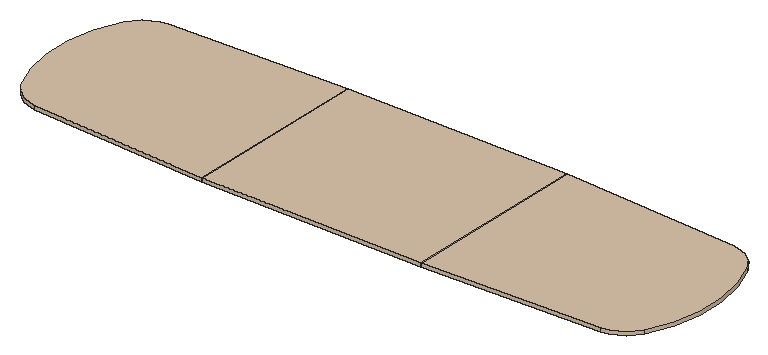
Revit family "Haworth_Planes_ColumnBaseConferenceTable_PebbleThreePiece_TopOnly", category Furniture Systems, Revit 2018 (continued)
Definition of nested family "Haworth_Planes_Worksurface_Pebble_3Piece_PART"
  Definition of nested family "Haworth_Planes_Worksurface_Pebble48_3Pieces_Part"
    Automatic sketch dimensions
      Extrusion 4 sketch curve to Extrusion 4 sketch curve = 14.45369"  (x2)
      Extrusion 4 sketch curve to Extrusion 4 sketch curve = 23.83817"  (x4)
      Extrusion 4 sketch curve to Extrusion 4 sketch curve = 18.76896"  (x2)
      Extrusion 4 sketch curve to Extrusion 4 sketch curve = 11.50455"  (x2)
      Extrusion 4 sketch curve to plane 3 "Center L/R" = 88.1575"
      Extrusion 4 sketch curve to plane 3 "Center L/R" = 35.30171"  (x2)
      plane 1 "Center F/B" to Extrusion 4 sketch curve = 558.25556"
      Extrusion 4 sketch curve to Extrusion 4 sketch curve = 534.41739"
      Extrusion 5 sketch curve to Extrusion 5 sketch curve = 0"  (x9)
      Extrusion 5 sketch curve to Extrusion 5 sketch curve = 31.63744"  (x2)
      Extrusion 5 sketch curve to Extrusion 5 sketch curve = 69.68"
      Extrusion 5 sketch curve to Extrusion 5 sketch curve = 72.6027"  (x2)
      Extrusion 5 sketch curve to Extrusion 5 sketch curve = 24.68"  (x2)
      plane 1 "Center F/B" to Extrusion 5 sketch curve = 23.94796"
      Extrusion 5 sketch curve to Extrusion 5 sketch curve = 14.45362"  (x2)
      Extrusion 5 sketch curve to Extrusion 5 sketch curve = 9.38468"  (x2)
      Extrusion 5 sketch curve to Extrusion 5 sketch curve = 18.76935"  (x2)
      Extrusion 5 sketch curve to Extrusion 5 sketch curve = 23.8383"  (x2)
      Extrusion 5 sketch curve to Extrusion 5 sketch curve = 11.50453"  (x2)
      Extrusion 5 sketch curve to plane 3 "Center L/R" = 91.15744"
      Extrusion 5 sketch curve to plane 3 "Center L/R" = 36.30135"  (x2)
      plane 1 "Center F/B" to Extrusion 5 sketch curve = 602.28601"
      Extrusion 5 sketch curve to Extrusion 5 sketch curve = 578.33805"
      Extrusion 6 sketch curve to Extrusion 6 sketch curve = 0"  (x9)
      Extrusion 6 sketch curve to Extrusion 6 sketch curve = 31.63743"  (x2)
      Extrusion 6 sketch curve to Extrusion 6 sketch curve = 26.68"  (x2)
      Extrusion 6 sketch curve to Extrusion 6 sketch curve = 71.68"
      Extrusion 6 sketch curve to Extrusion 6 sketch curve = 74.6019"  (x2)
      plane 1 "Center F/B" to Extrusion 6 sketch curve = 23.83841"
      Extrusion 6 sketch curve to Extrusion 6 sketch curve = 14.45368"  (x2)
      Extrusion 6 sketch curve to Extrusion 6 sketch curve = 9.38473"  (x2)
      Extrusion 6 sketch curve to Extrusion 6 sketch curve = 18.76947"  (x2)
      Extrusion 6 sketch curve to Extrusion 6 sketch curve = 23.83841"  (x2)
      Extrusion 6 sketch curve to Extrusion 6 sketch curve = 11.50452"  (x2)
      Extrusion 6 sketch curve to plane 3 "Center L/R" = 94.15743"
      Extrusion 6 sketch curve to plane 3 "Center L/R" = 37.30095"  (x2)
      plane 1 "Center F/B" to Extrusion 6 sketch curve = 647.69854"
      Extrusion 6 sketch curve to Extrusion 6 sketch curve = 623.86013"
      Extrusion 7 sketch curve to Extrusion 7 sketch curve = 0"  (x9)
      Extrusion 7 sketch curve to Extrusion 7 sketch curve = 31.63744"  (x2)
      Extrusion 7 sketch curve to Extrusion 7 sketch curve = 28.68"  (x2)
      Extrusion 7 sketch curve to Extrusion 7 sketch curve = 73.68"
      Extrusion 7 sketch curve to Extrusion 7 sketch curve = 76.60105"  (x2)
      plane 1 "Center F/B" to Extrusion 7 sketch curve = 23.83852"
      Extrusion 7 sketch curve to Extrusion 7 sketch curve = 14.45384"  (x2)
      Extrusion 7 sketch curve to Extrusion 7 sketch curve = 9.38468"  (x2)
      Extrusion 7 sketch curve to Extrusion 7 sketch curve = 18.76936"  (x2)
      Extrusion 7 sketch curve to Extrusion 7 sketch curve = 23.83852"  (x2)
      Extrusion 7 sketch curve to Extrusion 7 sketch curve = 11.50452"  (x2)
      Extrusion 7 sketch curve to plane 3 "Center L/R" = 97.15744"
      Extrusion 7 sketch curve to plane 3 "Center L/R" = 38.30052"  (x2)
      plane 1 "Center F/B" to Extrusion 7 sketch curve = 694.82215"
      Extrusion 7 sketch curve to Extrusion 7 sketch curve = 670.98363"
      Extrusion 8 sketch curve to Extrusion 8 sketch curve = 0"  (x9)
      Extrusion 8 sketch curve to Extrusion 8 sketch curve = 31.63749"  (x2)
      Extrusion 8 sketch curve to Extrusion 8 sketch curve = 30.68"  (x2)
      Extrusion 8 sketch curve to Extrusion 8 sketch curve = 75.68"
      Extrusion 8 sketch curve to Extrusion 8 sketch curve = 78.60013"  (x2)
      plane 1 "Center F/B" to Extrusion 8 sketch curve = 23.83861"
      Extrusion 8 sketch curve to Extrusion 8 sketch curve = 14.45408"  (x2)
      Extrusion 8 sketch curve to Extrusion 8 sketch curve = 9.38454"  (x2)
      Extrusion 8 sketch curve to Extrusion 8 sketch curve = 18.76907"  (x2)
      Extrusion 8 sketch curve to Extrusion 8 sketch curve = 23.83861"  (x2)
      Extrusion 8 sketch curve to Extrusion 8 sketch curve = 11.50454"  (x2)
      Extrusion 8 sketch curve to plane 3 "Center L/R" = 100.15749"
      Extrusion 8 sketch curve to plane 3 "Center L/R" = 39.30006"  (x2)
      plane 1 "Center F/B" to Extrusion 8 sketch curve = 743.54717"
      Extrusion 8 sketch curve to Extrusion 8 sketch curve = 719.70856"
      Extrusion 9 sketch curve to Extrusion 9 sketch curve = 0"  (x10)
      Extrusion 9 sketch curve to Extrusion 9 sketch curve = 31.63755"  (x2)
      Extrusion 9 sketch curve to Extrusion 9 sketch curve = 32.68"  (x2)
      Extrusion 9 sketch curve to Extrusion 9 sketch curve = 77.68"
      Extrusion 9 sketch curve to Extrusion 9 sketch curve = 80.59916"  (x2)
      plane 1 "Center F/B" to Extrusion 9 sketch curve = 23.8387"
      Extrusion 9 sketch curve to Extrusion 9 sketch curve = 14.45438"  (x2)
      Extrusion 9 sketch curve to Extrusion 9 sketch curve = 9.38432"  (x2)
      Extrusion 9 sketch curve to Extrusion 9 sketch curve = 18.76864"  (x2)
      Extrusion 9 sketch curve to Extrusion 9 sketch curve = 23.8387"  (x2)
      Extrusion 9 sketch curve to Extrusion 9 sketch curve = 11.50456"
      Extrusion 9 sketch curve to plane 3 "Center L/R" = 103.15755"
      Extrusion 9 sketch curve to plane 3 "Center L/R" = 40.29958"  (x2)
      plane 1 "Center F/B" to Extrusion 9 sketch curve = 793.8736"
      Extrusion 9 sketch curve to Extrusion 9 sketch curve = 770.0349"
      Extrusion 10 sketch curve to Extrusion 10 sketch curve = 0"  (x9)
      Extrusion 10 sketch curve to Extrusion 10 sketch curve = 31.63763"  (x2)
      Extrusion 10 sketch curve to Extrusion 10 sketch curve = 79.68"
      Extrusion 10 sketch curve to Extrusion 10 sketch curve = 82.59814"  (x2)
      Extrusion 10 sketch curve to Extrusion 10 sketch curve = 34.68"  (x2)
      plane 1 "Center F/B" to Extrusion 10 sketch curve = 23.83878"
      Extrusion 10 sketch curve to Extrusion 10 sketch curve = 14.45474"  (x2)
      Extrusion 10 sketch curve to Extrusion 10 sketch curve = 9.38404"  (x2)
      Extrusion 10 sketch curve to Extrusion 10 sketch curve = 18.76808"  (x2)
      Extrusion 10 sketch curve to Extrusion 10 sketch curve = 23.83878"  (x2)
      Extrusion 10 sketch curve to Extrusion 10 sketch curve = 11.50459"  (x2)
      Extrusion 10 sketch curve to plane 3 "Center L/R" = 106.02758"
      Extrusion 10 sketch curve to plane 3 "Center L/R" = 41.16901"  (x2)
      plane 1 "Center F/B" to Extrusion 10 sketch curve = 845.80144"
      Extrusion 10 sketch curve to Extrusion 10 sketch curve = 821.96266"
      Extrusion 11 sketch curve to Extrusion 11 sketch curve = 0"  (x10)
      Extrusion 11 sketch curve to Extrusion 11 sketch curve = 31.63773"  (x2)
      Extrusion 11 sketch curve to Extrusion 11 sketch curve = 81.68"
      Extrusion 11 sketch curve to Extrusion 11 sketch curve = 84.59708"  (x2)
      Extrusion 11 sketch curve to Extrusion 11 sketch curve = 36.68"  (x2)
      plane 1 "Center F/B" to Extrusion 11 sketch curve = 23.83885"
      Extrusion 11 sketch curve to Extrusion 11 sketch curve = 14.45513"  (x2)
      Extrusion 11 sketch curve to Extrusion 11 sketch curve = 9.38372"  (x2)
      Extrusion 11 sketch curve to Extrusion 11 sketch curve = 18.76744"  (x2)
      Extrusion 11 sketch curve to Extrusion 11 sketch curve = 23.83885"  (x2)
      Extrusion 11 sketch curve to Extrusion 11 sketch curve = 11.50463"
      Extrusion 11 sketch curve to plane 3 "Center L/R" = 109.15773"
      Extrusion 11 sketch curve to plane 3 "Center L/R" = 42.29854"  (x2)
      plane 1 "Center F/B" to Extrusion 11 sketch curve = 899.33069"
      Extrusion 11 sketch curve to Extrusion 11 sketch curve = 875.49184"
      Extrusion 12 sketch curve to Extrusion 12 sketch curve = 0"  (x9)
      Extrusion 12 sketch curve to Extrusion 12 sketch curve = 31.63783"  (x2)
      Extrusion 12 sketch curve to Extrusion 12 sketch curve = 83.68"
      Extrusion 12 sketch curve to Extrusion 12 sketch curve = 86.59598"  (x2)
      Extrusion 12 sketch curve to Extrusion 12 sketch curve = 38.68"  (x2)
      plane 1 "Center F/B" to Extrusion 12 sketch curve = 23.83891"
      Extrusion 12 sketch curve to Extrusion 12 sketch curve = 14.45556"  (x2)
      Extrusion 12 sketch curve to Extrusion 12 sketch curve = 9.38336"  (x2)
      Extrusion 12 sketch curve to Extrusion 12 sketch curve = 18.76672"  (x2)
      Extrusion 12 sketch curve to Extrusion 12 sketch curve = 23.83891"  (x2)
      Extrusion 12 sketch curve to Extrusion 12 sketch curve = 11.50467"  (x2)
      Extrusion 12 sketch curve to plane 3 "Center L/R" = 112.15783"
      Extrusion 12 sketch curve to plane 3 "Center L/R" = 43.29799"  (x2)
      plane 1 "Center F/B" to Extrusion 12 sketch curve = 954.46135"
      Extrusion 12 sketch curve to Extrusion 12 sketch curve = 930.62244"
      Extrusion 13 sketch curve to Extrusion 13 sketch curve = 0"  (x10)
      Extrusion 13 sketch curve to Extrusion 13 sketch curve = 31.63795"  (x2)
      Extrusion 13 sketch curve to Extrusion 13 sketch curve = 40.68"  (x2)
      Extrusion 13 sketch curve to Extrusion 13 sketch curve = 85.68"
      Extrusion 13 sketch curve to Extrusion 13 sketch curve = 88.59484"  (x2)
      plane 1 "Center F/B" to Extrusion 13 sketch curve = 23.83897"
      Extrusion 13 sketch curve to Extrusion 13 sketch curve = 14.45601"  (x2)
      Extrusion 13 sketch curve to Extrusion 13 sketch curve = 9.38297"  (x2)
      Extrusion 13 sketch curve to Extrusion 13 sketch curve = 18.76594"  (x2)
      Extrusion 13 sketch curve to Extrusion 13 sketch curve = 23.83897"  (x2)
      Extrusion 13 sketch curve to Extrusion 13 sketch curve = 11.50471"
      Extrusion 13 sketch curve to plane 3 "Center L/R" = 115.15795"
      Extrusion 13 sketch curve to plane 3 "Center L/R" = 44.29742"  (x2)
      plane 1 "Center F/B" to Extrusion 13 sketch curve = 1011.19342"
      Extrusion 13 sketch curve to Extrusion 13 sketch curve = 987.35445"
      Extrusion 14 sketch curve to Extrusion 14 sketch curve = 0"  (x9)
      Extrusion 14 sketch curve to Extrusion 14 sketch curve = 31.63807"  (x2)
      Extrusion 14 sketch curve to Extrusion 14 sketch curve = 90.59366"  (x2)
      Extrusion 14 sketch curve to Extrusion 14 sketch curve = 42.68"  (x2)
      plane 1 "Center F/B" to Extrusion 14 sketch curve = 23.83903"
      Extrusion 14 sketch curve to Extrusion 14 sketch curve = 14.45647"  (x2)
      Extrusion 14 sketch curve to Extrusion 14 sketch curve = 9.38256"  (x2)
      Extrusion 14 sketch curve to Extrusion 14 sketch curve = 18.76511"  (x2)
      Extrusion 14 sketch curve to Extrusion 14 sketch curve = 47.67806"  (x2)
      Extrusion 14 sketch curve to Extrusion 14 sketch curve = 11.50475"  (x2)
      Extrusion 14 sketch curve to plane 3 "Center L/R" = 118.15807"
      Extrusion 14 sketch curve to plane 3 "Center L/R" = 45.29683"  (x2)
      Extrusion 14 sketch curve to Extrusion 14 sketch curve = 87.68"
      plane 1 "Center F/B" to Extrusion 14 sketch curve = 1069.52691"
      Extrusion 14 sketch curve to Extrusion 14 sketch curve = 1045.68788"
      Extrusion 15 sketch curve to plane 3 "Center L/R" = 121.1582"
      Extrusion 15 sketch curve to Extrusion 15 sketch curve = 0"  (x11)
      Extrusion 15 sketch curve to Extrusion 15 sketch curve = 31.6382"  (x2)
      Extrusion 15 sketch curve to plane 3 "Center L/R" = 46.29623"  (x2)
      Extrusion 15 sketch curve to Extrusion 15 sketch curve = 44.68"  (x2)
      Extrusion 15 sketch curve to Extrusion 15 sketch curve = 89.68"
      Extrusion 15 sketch curve to Extrusion 15 sketch curve = 92.59246"  (x2)
      plane 1 "Center F/B" to Extrusion 15 sketch curve = 1129.4618"
      plane 1 "Center F/B" to Extrusion 15 sketch curve = 23.83908"
      Extrusion 15 sketch curve to Extrusion 15 sketch curve = 14.45696"  (x2)
      Extrusion 15 sketch curve to Extrusion 15 sketch curve = 9.38213"  (x2)
      Extrusion 15 sketch curve to Extrusion 15 sketch curve = 18.76425"  (x2)
      Extrusion 15 sketch curve to Extrusion 15 sketch curve = 47.67816"  (x2)
      Extrusion 15 sketch curve to Extrusion 15 sketch curve = 1105.62272"
      plane 1 "Center F/B" to Extrusion 16 sketch curve = 23.83768"
      Extrusion 16 sketch curve to plane 3 "Center L/R" = 30.84"
      Extrusion 16 sketch curve to Extrusion 16 sketch curve = 61.68"
      Extrusion 16 sketch curve to Extrusion 16 sketch curve = 47.67535"
      plane 1 "Center F/B" to Extrusion 17 sketch curve = 23.83786"
      Extrusion 17 sketch curve to plane 3 "Center L/R" = 31.84"
      Extrusion 17 sketch curve to Extrusion 17 sketch curve = 63.68"
      Extrusion 17 sketch curve to Extrusion 17 sketch curve = 47.67572"
      Extrusion 18 sketch curve to plane 3 "Center L/R" = 32.84"
      Extrusion 18 sketch curve to Extrusion 18 sketch curve = 65.68"
      plane 1 "Center F/B" to Extrusion 18 sketch curve = 23.83802"
      Extrusion 18 sketch curve to Extrusion 18 sketch curve = 47.67604"
      Extrusion 19 sketch curve to plane 3 "Center L/R" = 33.84"
      Extrusion 19 sketch curve to Extrusion 19 sketch curve = 67.68"
      plane 1 "Center F/B" to Extrusion 19 sketch curve = 23.83817"
      Extrusion 19 sketch curve to Extrusion 19 sketch curve = 47.67633"
      Extrusion 20 sketch curve to plane 3 "Center L/R" = 34.84"
      Extrusion 20 sketch curve to Extrusion 20 sketch curve = 69.68"
      plane 1 "Center F/B" to Extrusion 20 sketch curve = 23.94796"
      Extrusion 20 sketch curve to Extrusion 20 sketch curve = 47.67659"
      Extrusion 21 sketch curve to plane 3 "Center L/R" = 35.84"
      Extrusion 21 sketch curve to Extrusion 21 sketch curve = 71.68"
      plane 1 "Center F/B" to Extrusion 21 sketch curve = 23.83841"
      Extrusion 21 sketch curve to Extrusion 21 sketch curve = 47.67682"
      Extrusion 22 sketch curve to plane 3 "Center L/R" = 36.84"
      Extrusion 22 sketch curve to Extrusion 22 sketch curve = 73.68"
      plane 1 "Center F/B" to Extrusion 22 sketch curve = 23.83852"
      Extrusion 22 sketch curve to Extrusion 22 sketch curve = 47.67703"
      Extrusion 23 sketch curve to plane 3 "Center L/R" = 37.84"
      Extrusion 23 sketch curve to Extrusion 23 sketch curve = 75.68"
      plane 1 "Center F/B" to Extrusion 23 sketch curve = 23.83861"
      Extrusion 23 sketch curve to Extrusion 23 sketch curve = 47.67722"
      Extrusion 24 sketch curve to plane 3 "Center L/R" = 38.84"
      Extrusion 24 sketch curve to Extrusion 24 sketch curve = 77.68"
      plane 1 "Center F/B" to Extrusion 24 sketch curve = 23.8387"
      Extrusion 24 sketch curve to Extrusion 24 sketch curve = 47.6774"
      Extrusion 25 sketch curve to plane 3 "Center L/R" = 39.70994"
      Extrusion 25 sketch curve to Extrusion 25 sketch curve = 79.68"
      plane 1 "Center F/B" to Extrusion 25 sketch curve = 23.83878"
      Extrusion 25 sketch curve to Extrusion 25 sketch curve = 47.67755"
      Extrusion 26 sketch curve to plane 3 "Center L/R" = 41.84"
      Extrusion 26 sketch curve to Extrusion 26 sketch curve = 83.68"
      plane 1 "Center F/B" to Extrusion 26 sketch curve = 23.83891"
      Extrusion 26 sketch curve to Extrusion 26 sketch curve = 47.67783"
      Extrusion 27 sketch curve to plane 3 "Center L/R" = 40.84"
      Extrusion 27 sketch curve to Extrusion 27 sketch curve = 81.68"
      plane 1 "Center F/B" to Extrusion 27 sketch curve = 23.83885"
      Extrusion 27 sketch curve to Extrusion 27 sketch curve = 47.6777"
      Extrusion 28 sketch curve to plane 3 "Center L/R" = 42.84"
      Extrusion 28 sketch curve to Extrusion 28 sketch curve = 85.68"
      plane 1 "Center F/B" to Extrusion 28 sketch curve = 23.83897"
      Extrusion 28 sketch curve to Extrusion 28 sketch curve = 47.67795"
      Extrusion 29 sketch curve to plane 3 "Center L/R" = 43.84"
      Extrusion 29 sketch curve to Extrusion 29 sketch curve = 87.68"
      plane 1 "Center F/B" to Extrusion 29 sketch curve = 23.83903"
      Extrusion 29 sketch curve to Extrusion 29 sketch curve = 47.67806"
      Extrusion 30 sketch curve to plane 3 "Center L/R" = 44.84"
      Extrusion 30 sketch curve to Extrusion 30 sketch curve = 89.68"
      plane 1 "Center F/B" to Extrusion 30 sketch curve = 23.83908"
      Extrusion 30 sketch curve to Extrusion 30 sketch curve = 47.67816"
      Masking region 1 sketch curve to plane 1 "Center F/B" = 9.38473"
      Masking region 1 sketch curve to plane 3 "Center L/R" = 79.15743"
      Masking region 1 sketch curve to Masking region 1 sketch curve = 0"  (x7)
      Masking region 1 sketch curve to Masking region 1 sketch curve = 31.63743"  (x2)
      Masking region 1 sketch curve to Masking region 1 sketch curve = 15.18"  (x3)
      Masking region 1 sketch curve to plane 3 "Center L/R" = 32.30253"  (x2)
      Masking region 1 sketch curve to Masking region 1 sketch curve = 64.60506"  (x2)
      Masking region 1 sketch curve to Masking region 1 sketch curve = 64.68"
      Masking region 1 sketch curve to Masking region 1 sketch curve = 9.38473"  (x2)
      Masking region 1 sketch curve to plane 1 "Center F/B" = 0"
      Masking region 1 sketch curve to Masking region 1 sketch curve = 18.76947"  (x2)
      Masking region 1 sketch curve to Masking region 1 sketch curve = 23.84"  (x2)
      plane 1 "Center F/B" to Masking region 1 sketch curve = 436.10167"
      Masking region 1 sketch curve to Masking region 1 sketch curve = 412.26167"
      Masking region 1 sketch curve to Masking region 1 sketch curve = 1.03519"  (x4)
      Masking region 2 sketch curve to plane 1 "Center F/B" = 9.38473"  (x2)
      Masking region 2 sketch curve to plane 3 "Center L/R" = 82.15743"
      Masking region 2 sketch curve to Masking region 2 sketch curve = 0"  (x7)
      Masking region 2 sketch curve to Masking region 2 sketch curve = 31.63743"  (x2)
      Masking region 2 sketch curve to Masking region 2 sketch curve = 17.18"  (x3)
      Masking region 2 sketch curve to plane 3 "Center L/R" = 33.30231"  (x2)
      Masking region 2 sketch curve to Masking region 2 sketch curve = 66.60461"  (x2)
      Masking region 2 sketch curve to Masking region 2 sketch curve = 66.68"
      Masking region 2 sketch curve to Masking region 2 sketch curve = 9.38473"  (x2)
      Masking region 2 sketch curve to Masking region 2 sketch curve = 18.76947"  (x2)
      Masking region 2 sketch curve to Masking region 2 sketch curve = 23.84"  (x2)
      plane 1 "Center F/B" to Masking region 2 sketch curve = 475.21822"
      Masking region 2 sketch curve to Masking region 2 sketch curve = 451.37822"
      Masking region 2 sketch curve to Masking region 2 sketch curve = 1.03519"  (x4)
      Masking region 3 sketch curve to plane 3 "Center L/R" = 85.15743"
      Masking region 3 sketch curve to Masking region 3 sketch curve = 0"  (x7)
      Masking region 3 sketch curve to Masking region 3 sketch curve = 31.63743"  (x2)
      Masking region 3 sketch curve to Masking region 3 sketch curve = 19.18"  (x3)
      Masking region 3 sketch curve to plane 3 "Center L/R" = 34.30203"  (x2)
      Masking region 3 sketch curve to Masking region 3 sketch curve = 68.60406"  (x2)
      Masking region 3 sketch curve to Masking region 3 sketch curve = 68.68"
      plane 1 "Center F/B" to Masking region 3 sketch curve = 515.93619"
      plane 1 "Center F/B" to Masking region 3 sketch curve = 23.84"
      Masking region 3 sketch curve to Masking region 3 sketch curve = 14.45527"  (x2)
      Masking region 3 sketch curve to Masking region 3 sketch curve = 23.84"  (x3)
      Masking region 3 sketch curve to Masking region 3 sketch curve = 18.76947"  (x2)
      Masking region 3 sketch curve to Masking region 3 sketch curve = 492.09619"
      Masking region 3 sketch curve to Masking region 3 sketch curve = 1.03519"  (x4)
      Masking region 4 sketch curve to plane 3 "Center L/R" = 88.15743"
      Masking region 4 sketch curve to Masking region 4 sketch curve = 0"  (x7)
      Masking region 4 sketch curve to Masking region 4 sketch curve = 31.63743"  (x2)
      Masking region 4 sketch curve to Masking region 4 sketch curve = 21.18"  (x3)
      Masking region 4 sketch curve to plane 3 "Center L/R" = 35.30171"  (x2)
      Masking region 4 sketch curve to Masking region 4 sketch curve = 70.60342"  (x2)
      Masking region 4 sketch curve to Masking region 4 sketch curve = 70.68"
      plane 1 "Center F/B" to Masking region 4 sketch curve = 558.25556"
      plane 1 "Center F/B" to Masking region 4 sketch curve = 23.84"
      Masking region 4 sketch curve to Masking region 4 sketch curve = 14.45527"  (x2)
      Masking region 4 sketch curve to Masking region 4 sketch curve = 23.84"  (x3)
      Masking region 4 sketch curve to Masking region 4 sketch curve = 18.76947"  (x2)
      Masking region 4 sketch curve to Masking region 4 sketch curve = 534.41556"
      Masking region 4 sketch curve to Masking region 4 sketch curve = 1.03519"  (x4)
      Masking region 5 sketch curve to plane 3 "Center L/R" = 91.15743"
      Masking region 5 sketch curve to Masking region 5 sketch curve = 0"  (x7)
      Masking region 5 sketch curve to Masking region 5 sketch curve = 31.63743"  (x2)
      Masking region 5 sketch curve to Masking region 5 sketch curve = 23.18"  (x3)
      Masking region 5 sketch curve to plane 3 "Center L/R" = 36.30135"  (x2)
      Masking region 5 sketch curve to Masking region 5 sketch curve = 72.6027"  (x2)
      Masking region 5 sketch curve to Masking region 5 sketch curve = 72.68"
      plane 1 "Center F/B" to Masking region 5 sketch curve = 602.28601"
      plane 1 "Center F/B" to Masking region 5 sketch curve = 23.94967"
      Masking region 5 sketch curve to Masking region 5 sketch curve = 14.45527"  (x2)
      Masking region 5 sketch curve to Masking region 5 sketch curve = 9.38473"  (x2)
      Masking region 5 sketch curve to Masking region 5 sketch curve = 18.76947"  (x2)
      Masking region 5 sketch curve to Masking region 5 sketch curve = 23.84"
      Masking region 5 sketch curve to Masking region 5 sketch curve = 578.33635"
      Masking region 5 sketch curve to Masking region 5 sketch curve = 1.03519"  (x4)
      Masking region 6 sketch curve to plane 3 "Center L/R" = 94.15743"
      Masking region 6 sketch curve to Masking region 6 sketch curve = 0"  (x11)
      Masking region 6 sketch curve to Masking region 6 sketch curve = 31.63743"  (x2)
      Masking region 6 sketch curve to Masking region 6 sketch curve = 25.18"  (x3)
      Masking region 6 sketch curve to plane 3 "Center L/R" = 37.30095"  (x2)
      Masking region 6 sketch curve to Masking region 6 sketch curve = 74.6019"  (x2)
      Masking region 6 sketch curve to Masking region 6 sketch curve = 74.68"
      plane 1 "Center F/B" to Masking region 6 sketch curve = 647.69854"
      plane 1 "Center F/B" to Masking region 6 sketch curve = 23.84"
      Masking region 6 sketch curve to Masking region 6 sketch curve = 14.45527"  (x2)
      Masking region 6 sketch curve to Masking region 6 sketch curve = 9.38473"  (x2)
      Masking region 6 sketch curve to Masking region 6 sketch curve = 18.76947"  (x2)
      Masking region 6 sketch curve to Masking region 6 sketch curve = 23.84"
      Masking region 6 sketch curve to Masking region 6 sketch curve = 623.85854"
      Masking region 7 sketch curve to plane 3 "Center L/R" = 97.15743"
      Masking region 7 sketch curve to Masking region 7 sketch curve = 0"  (x7)
      Masking region 7 sketch curve to Masking region 7 sketch curve = 31.63743"  (x2)
      Masking region 7 sketch curve to Masking region 7 sketch curve = 27.18"  (x3)
      Masking region 7 sketch curve to plane 3 "Center L/R" = 38.30052"  (x2)
      Masking region 7 sketch curve to Masking region 7 sketch curve = 76.60105"  (x2)
      Masking region 7 sketch curve to Masking region 7 sketch curve = 76.68"
      plane 1 "Center F/B" to Masking region 7 sketch curve = 694.82215"
      plane 1 "Center F/B" to Masking region 7 sketch curve = 23.84"
      Masking region 7 sketch curve to Masking region 7 sketch curve = 14.45527"  (x2)
      Masking region 7 sketch curve to Masking region 7 sketch curve = 9.38473"  (x2)
      Masking region 7 sketch curve to Masking region 7 sketch curve = 18.76947"  (x2)
      Masking region 7 sketch curve to Masking region 7 sketch curve = 23.84"
      Masking region 7 sketch curve to Masking region 7 sketch curve = 670.98215"
      Masking region 7 sketch curve to Masking region 7 sketch curve = 1.03519"  (x4)
      Masking region 8 sketch curve to plane 3 "Center L/R" = 100.15743"
      Masking region 8 sketch curve to Masking region 8 sketch curve = 0"  (x7)
      Masking region 8 sketch curve to Masking region 8 sketch curve = 31.63743"  (x2)
      Masking region 8 sketch curve to Masking region 8 sketch curve = 29.18"  (x3)
      Masking region 8 sketch curve to plane 3 "Center L/R" = 39.30006"  (x2)
      Masking region 8 sketch curve to Masking region 8 sketch curve = 78.60013"  (x2)
      Masking region 8 sketch curve to Masking region 8 sketch curve = 78.68"
      plane 1 "Center F/B" to Masking region 8 sketch curve = 743.54717"
      plane 1 "Center F/B" to Masking region 8 sketch curve = 23.84"
      Masking region 8 sketch curve to Masking region 8 sketch curve = 14.45527"  (x2)
      Masking region 8 sketch curve to Masking region 8 sketch curve = 9.38473"  (x2)
      Masking region 8 sketch curve to Masking region 8 sketch curve = 18.76947"  (x2)
      Masking region 8 sketch curve to Masking region 8 sketch curve = 23.84"
      Masking region 8 sketch curve to Masking region 8 sketch curve = 719.70717"
      Masking region 8 sketch curve to Masking region 8 sketch curve = 1.03519"  (x4)
      Masking region 9 sketch curve to plane 3 "Center L/R" = 103.15743"
      Masking region 9 sketch curve to Masking region 9 sketch curve = 0"  (x7)
      Masking region 9 sketch curve to Masking region 9 sketch curve = 31.63743"  (x2)
      Masking region 9 sketch curve to Masking region 9 sketch curve = 31.18"  (x3)
      Masking region 9 sketch curve to plane 3 "Center L/R" = 40.29958"  (x2)
      Masking region 9 sketch curve to Masking region 9 sketch curve = 80.59916"  (x2)
      Masking region 9 sketch curve to Masking region 9 sketch curve = 80.68"
      plane 1 "Center F/B" to Masking region 9 sketch curve = 793.8736"
      plane 1 "Center F/B" to Masking region 9 sketch curve = 23.84"
      Masking region 9 sketch curve to Masking region 9 sketch curve = 14.45527"  (x2)
      Masking region 9 sketch curve to Masking region 9 sketch curve = 9.38473"  (x2)
      Masking region 9 sketch curve to Masking region 9 sketch curve = 18.76947"  (x2)
      Masking region 9 sketch curve to Masking region 9 sketch curve = 23.84"
      Masking region 9 sketch curve to Masking region 9 sketch curve = 770.0336"
      Masking region 9 sketch curve to Masking region 9 sketch curve = 1.03519"  (x4)
      Masking region 10 sketch curve to plane 3 "Center L/R" = 106.02737"
      Masking region 10 sketch curve to Masking region 10 sketch curve = 0"  (x7)
      Masking region 10 sketch curve to Masking region 10 sketch curve = 31.63743"  (x2)
      Masking region 10 sketch curve to Masking region 10 sketch curve = 33.18"  (x3)
      Masking region 10 sketch curve to plane 3 "Center L/R" = 41.16901"  (x2)
      Masking region 10 sketch curve to Masking region 10 sketch curve = 82.59814"  (x2)
      Masking region 10 sketch curve to Masking region 10 sketch curve = 82.68"
      plane 1 "Center F/B" to Masking region 10 sketch curve = 845.80144"
      plane 1 "Center F/B" to Masking region 10 sketch curve = 23.84"
      Masking region 10 sketch curve to Masking region 10 sketch curve = 14.45527"  (x2)
      Masking region 10 sketch curve to Masking region 10 sketch curve = 9.38473"  (x2)
      Masking region 10 sketch curve to Masking region 10 sketch curve = 18.76947"  (x2)
      Masking region 10 sketch curve to Masking region 10 sketch curve = 23.84"
      Masking region 10 sketch curve to Masking region 10 sketch curve = 821.96144"
      Masking region 10 sketch curve to Masking region 10 sketch curve = 1.03519"  (x4)
      Masking region 11 sketch curve to plane 3 "Center L/R" = 109.15743"
      Masking region 11 sketch curve to Masking region 11 sketch curve = 0"  (x7)
      Masking region 11 sketch curve to Masking region 11 sketch curve = 31.63743"  (x2)
      Masking region 11 sketch curve to Masking region 11 sketch curve = 35.18"  (x3)
      Masking region 11 sketch curve to plane 3 "Center L/R" = 42.29854"  (x2)
      Masking region 11 sketch curve to Masking region 11 sketch curve = 84.59708"  (x2)
      Masking region 11 sketch curve to Masking region 11 sketch curve = 84.68"
      plane 1 "Center F/B" to Masking region 11 sketch curve = 899.33069"
      plane 1 "Center F/B" to Masking region 11 sketch curve = 23.84"
      Masking region 11 sketch curve to Masking region 11 sketch curve = 14.45527"  (x2)
      Masking region 11 sketch curve to Masking region 11 sketch curve = 9.38473"  (x2)
      Masking region 11 sketch curve to Masking region 11 sketch curve = 18.76947"  (x2)
      Masking region 11 sketch curve to Masking region 11 sketch curve = 23.84"
      Masking region 11 sketch curve to Masking region 11 sketch curve = 875.49069"
      Masking region 11 sketch curve to Masking region 11 sketch curve = 1.03519"  (x4)
      Masking region 12 sketch curve to plane 3 "Center L/R" = 112.15743"
      Masking region 12 sketch curve to Masking region 12 sketch curve = 0"  (x7)
      Masking region 12 sketch curve to Masking region 12 sketch curve = 31.63743"  (x2)
      Masking region 12 sketch curve to Masking region 12 sketch curve = 37.18"  (x3)
      Masking region 12 sketch curve to plane 3 "Center L/R" = 43.29799"  (x2)
      Masking region 12 sketch curve to Masking region 12 sketch curve = 86.59598"  (x2)
      Masking region 12 sketch curve to Masking region 12 sketch curve = 86.68"
      plane 1 "Center F/B" to Masking region 12 sketch curve = 954.46135"
      plane 1 "Center F/B" to Masking region 12 sketch curve = 23.84"
      Masking region 12 sketch curve to Masking region 12 sketch curve = 14.45527"  (x2)
      Masking region 12 sketch curve to Masking region 12 sketch curve = 9.38473"  (x2)
      Masking region 12 sketch curve to Masking region 12 sketch curve = 18.76947"  (x2)
      Masking region 12 sketch curve to Masking region 12 sketch curve = 23.84"
      Masking region 12 sketch curve to Masking region 12 sketch curve = 930.62135"
      Masking region 12 sketch curve to Masking region 12 sketch curve = 1.03519"  (x4)
      Masking region 13 sketch curve to plane 3 "Center L/R" = 115.15743"
      Masking region 13 sketch curve to Masking region 13 sketch curve = 0"  (x7)
      Masking region 13 sketch curve to Masking region 13 sketch curve = 31.63743"  (x2)
      Masking region 13 sketch curve to Masking region 13 sketch curve = 39.18"  (x3)
      Masking region 13 sketch curve to plane 3 "Center L/R" = 44.29742"  (x2)
      Masking region 13 sketch curve to Masking region 13 sketch curve = 88.59484"  (x2)
      Masking region 13 sketch curve to Masking region 13 sketch curve = 88.68"
      plane 1 "Center F/B" to Masking region 13 sketch curve = 1011.19342"
      plane 1 "Center F/B" to Masking region 13 sketch curve = 23.84"
      Masking region 13 sketch curve to Masking region 13 sketch curve = 14.45527"  (x2)
      Masking region 13 sketch curve to Masking region 13 sketch curve = 9.38473"  (x2)
      Masking region 13 sketch curve to Masking region 13 sketch curve = 18.76947"  (x2)
      Masking region 13 sketch curve to Masking region 13 sketch curve = 23.84"
      Masking region 13 sketch curve to Masking region 13 sketch curve = 987.35342"
      Masking region 13 sketch curve to Masking region 13 sketch curve = 1.03519"  (x4)
      Masking region 14 sketch curve to plane 3 "Center L/R" = 118.15743"
      Masking region 14 sketch curve to Masking region 14 sketch curve = 0"  (x7)
      Masking region 14 sketch curve to Masking region 14 sketch curve = 31.63743"  (x2)
      Masking region 14 sketch curve to Masking region 14 sketch curve = 41.18"  (x3)
      Masking region 14 sketch curve to plane 3 "Center L/R" = 45.29683"  (x2)
      Masking region 14 sketch curve to Masking region 14 sketch curve = 90.59366"  (x2)
      Masking region 14 sketch curve to Masking region 14 sketch curve = 90.68001"
      plane 1 "Center F/B" to Masking region 14 sketch curve = 1069.52691"
      plane 1 "Center F/B" to Masking region 14 sketch curve = 23.84"
      Masking region 14 sketch curve to Masking region 14 sketch curve = 14.45527"  (x2)
      Masking region 14 sketch curve to Masking region 14 sketch curve = 9.38473"  (x2)
      Masking region 14 sketch curve to Masking region 14 sketch curve = 18.76947"  (x2)
      Masking region 14 sketch curve to Masking region 14 sketch curve = 23.84"
      Masking region 14 sketch curve to Masking region 14 sketch curve = 1045.68691"
      Masking region 14 sketch curve to Masking region 14 sketch curve = 1.03519"  (x4)
      Masking region 15 sketch curve to plane 3 "Center L/R" = 121.15743"
      Masking region 15 sketch curve to Masking region 15 sketch curve = 0"  (x8)
      Masking region 15 sketch curve to Masking region 15 sketch curve = 31.63743"  (x2)
      Masking region 15 sketch curve to Masking region 15 sketch curve = 43.18"  (x2)
      Masking region 15 sketch curve to plane 3 "Center L/R" = 46.29623"  (x2)
      Masking region 15 sketch curve to Masking region 15 sketch curve = 92.59246"  (x2)
      Masking region 15 sketch curve to Masking region 15 sketch curve = 92.68001"
      plane 1 "Center F/B" to Masking region 15 sketch curve = 1129.4618"
      plane 1 "Center F/B" to Masking region 15 sketch curve = 23.84"
      Masking region 15 sketch curve to Masking region 15 sketch curve = 14.45527"  (x2)
      Masking region 15 sketch curve to Masking region 15 sketch curve = 9.38473"  (x2)
      Masking region 15 sketch curve to Masking region 15 sketch curve = 18.76947"  (x2)
      Masking region 15 sketch curve to Masking region 15 sketch curve = 47.68"
      Masking region 15 sketch curve to Masking region 15 sketch curve = 1105.6218"
      Masking region 15 sketch curve to Masking region 15 sketch curve = 1.03519"  (x4)
  Definition of nested family "Haworth_Planes_Worksurface_Pebble42_3Pieces_Part"
    Parameters (values of type "Worksurface")
      Width = 180"
      Warranty = "https://www.haworth.com/resources/product-info/warranties"
      URL - Product = ""
      URL = "www.haworth.com"
      Thickness = 1 3/16"
      Table Finish = none
      Table Edge Finish = none
      Revision Number = ""
      Note = "Verify Final Dim. w/ Haworth"  # constant formula
      Min. Width = 186"  # constant formula
      Min. Depth = 42"  # constant formula
      Max. Width = 270"  # constant formula
      Max. Depth = 42"  # constant formula
      Manufacturer = "Haworth"  # constant formula
      Depth = 42"  # constant formula
      Cutout Width = 8"  # constant formula
      Cutout Dimension = 3"  # constant formula
      Cutout Depth = 4"  # constant formula
      Center Cutout Offset = Actual Width / 6  # 31"
      Author = "Haworth (Alias)"  # constant formula
      Assembly Code = ""
      Actual Width = if(Width < Min. Width, Min. Width, if(Width > Max. Width, Max. Width, Width))  # 186"
      Actual Height = 29"
      Actual Depth = if(Depth > Max. Depth, Max. Depth, if(Depth < Min. Depth, Min. Depth, Depth))  # 42"
      270w = and(267" < Actual Width, Actual Width < 271")  # no
      264w = and(261" < Actual Width, Actual Width < 268")  # no
      258w = and(255" < Actual Width, Actual Width < 262")  # no
      252w = and(249" < Actual Width, Actual Width < 256")  # no
      246w = and(243" < Actual Width, Actual Width < 250")  # no
      240w = and(237" < Actual Width, Actual Width < 244")  # no
      234w = and(231" < Actual Width, Actual Width < 238")  # no
      228w = and(225" < Actual Width, Actual Width < 232")  # no
      222w = and(219" < Actual Width, Actual Width < 226")  # no
      216w = and(213" < Actual Width, Actual Width < 220")  # no
      210w = and(207" < Actual Width, Actual Width < 214")  # no
      204w = and(201" < Actual Width, Actual Width < 208")  # no
      198w = and(195" < Actual Width, Actual Width < 202")  # no
      192w = and(189" < Actual Width, Actual Width < 196")  # no
      186w = and(185" < Actual Width, Actual Width < 190")  # yes
    Reference planes (in)
      plane 1 "Center F/B": y = 15
      plane 2 "Bottom": z = 0
      plane 3 "Center L/R": x = 0
      plane 4 "Table Top": z = 29
      plane 5 "Table Bottom": z = 27.8125
      plane 6 "Cutout Top": z = 30
      plane 7 "Cutout Bottom": z = 27
      plane 8 "KnifeEdge Middle": z = 28.625
    Forms (in)
      Extrusion 1, solid, material <- "Table Finish", visible <- "186w"
        sketch origin (15.39359, -64.27046, 0) x (1, 0, 0) y (0, 1, 0)
          loop
            arc (-107.06412, 87.97277) -> (-107.91359, 79.27046) -> (-107.06412, 70.56814) r 45
            arc (-107.06412, 70.56814) -> (-103.37967, 64.02492) -> (-96.52763, 60.95269) r 12
            arc (-96.52763, 60.95269) -> (-71.41414, 59.02303) -> (-46.23359, 58.43046) r 473.87927
            line (-46.23359, 58.43046) -> (-46.23359, 100.11046)
            arc (-46.23359, 100.11046) -> (-71.41414, 99.51788) -> (-96.52763, 97.58823) r 473.87927
            arc (-96.52763, 97.58823) -> (-103.37967, 94.516) -> (-107.06412, 87.97277) r 12
          loop
            arc (76.27695, 87.97277) -> (72.5925, 94.516) -> (65.74046, 97.58823) r 12
            arc (65.74046, 97.58823) -> (40.62696, 99.51788) -> (15.44641, 100.11046) r 473.87927
            line (15.44641, 100.11046) -> (15.44641, 58.43046)
            arc (15.44641, 58.43046) -> (40.62696, 59.02303) -> (65.74046, 60.95269) r 473.87927
            arc (65.74046, 60.95269) -> (72.5925, 64.02492) -> (76.27695, 70.56814) r 12
            arc (76.27695, 70.56814) -> (77.12641, 79.27046) -> (76.27695, 87.97277) r 45
        from 27.8125 to 29
      Extrusion 2, solid, material <- "Table Finish", visible <- "192w"
        sketch origin (15.73634, -111.73058, 0) x (1, 0, 0) y (0, 1, 0)
          loop
            line (-47.57634, 105.89058) -> (-47.57634, 147.57058)
            arc (-47.57634, 147.57058) -> (-73.73026, 146.97783) -> (-99.82008, 145.05424) r 513.65076
            arc (-99.82008, 145.05424) -> (-106.70352, 141.99399) -> (-110.40666, 135.43399) r 12
            arc (-110.40666, 135.43399) -> (-111.25634, 126.73058) -> (-110.40666, 118.02718) r 45
            arc (-110.40666, 118.02718) -> (-106.70352, 111.46717) -> (-99.82008, 108.40692) r 12
            arc (-99.82008, 108.40692) -> (-73.73026, 106.48333) -> (-47.57634, 105.89058) r 513.65076
          loop
            arc (16.10366, 105.89058) -> (42.25757, 106.48333) -> (68.34739, 108.40692) r 513.65076
            arc (68.34739, 108.40692) -> (75.23083, 111.46717) -> (78.93398, 118.02718) r 12
            arc (78.93398, 118.02718) -> (79.78366, 126.73058) -> (78.93398, 135.43399) r 45
            arc (78.93398, 135.43399) -> (75.23083, 141.99399) -> (68.34739, 145.05424) r 12
            arc (68.34739, 145.05424) -> (42.25757, 146.97783) -> (16.10366, 147.57058) r 513.65076
            line (16.10366, 147.57058) -> (16.10366, 105.89058)
        from 27.8125 to 29
      Extrusion 3, solid, material <- "Table Finish", visible <- "198w"
        sketch origin (16.60875, -157.5066, 0) x (1, 0, 0) y (0, 1, 0)
          loop
            line (-49.44875, 151.6666) -> (-49.44875, 193.3466)
            arc (-49.44875, 193.3466) -> (-76.57826, 192.75376) -> (-103.64635, 190.83529) r 554.88541
            arc (-103.64635, 190.83529) -> (-110.55862, 187.78616) -> (-114.27892, 181.21075) r 12
            arc (-114.27892, 181.21075) -> (-115.12875, 172.5066) -> (-114.27892, 163.80245) r 45
            arc (-114.27892, 163.80245) -> (-110.55862, 157.22704) -> (-103.64635, 154.17791) r 12
            arc (-103.64635, 154.17791) -> (-76.57826, 152.25944) -> (-49.44875, 151.6666) r 554.88541
          loop
            arc (16.23125, 151.6666) -> (43.36077, 152.25944) -> (70.42886, 154.17791) r 554.88541
            arc (70.42886, 154.17791) -> (77.34113, 157.22704) -> (81.06143, 163.80245) r 12
            arc (81.06143, 163.80245) -> (81.91125, 172.5066) -> (81.06143, 181.21075) r 45
            arc (81.06143, 181.21075) -> (77.34113, 187.78616) -> (70.42886, 190.83529) r 12
            arc (70.42886, 190.83529) -> (43.36077, 192.75376) -> (16.23125, 193.3466) r 554.88541
            line (16.23125, 193.3466) -> (16.23125, 151.6666)
        from 27.8125 to 29
      Extrusion 4, solid, material <- "Table Finish", visible <- "204w"
        sketch origin (16.60875, -201.97473, 0) x (1, 0, 0) y (0, 1, 0)
          loop
            line (-50.44875, 196.13473) -> (-50.44875, 237.81473)
            arc (-50.44875, 237.81473) -> (-78.55565, 237.22154) -> (-106.60359, 235.30777) r 597.89526
            arc (-106.60359, 235.30777) -> (-113.54259, 232.26905) -> (-117.27882, 225.67936) r 12
            arc (-117.27882, 225.67936) -> (-118.12875, 216.97473) -> (-117.27882, 208.27011) r 45
            arc (-117.27882, 208.27011) -> (-113.54259, 201.68041) -> (-106.60359, 198.64169) r 12
            arc (-106.60359, 198.64169) -> (-78.55565, 196.72793) -> (-50.44875, 196.13473) r 597.89526
          loop
            arc (17.23125, 196.13473) -> (45.33816, 196.72793) -> (73.3861, 198.64169) r 597.89526
            arc (73.3861, 198.64169) -> (80.3251, 201.68041) -> (84.06133, 208.27011) r 12
            arc (84.06133, 208.27011) -> (84.91125, 216.97473) -> (84.06133, 225.67936) r 45
            arc (84.06133, 225.67936) -> (80.3251, 232.26905) -> (73.3861, 235.30777) r 12
            arc (73.3861, 235.30777) -> (45.33816, 237.22154) -> (17.23125, 237.81473) r 597.89526
            line (17.23125, 237.81473) -> (17.23125, 196.13473)
        from 27.8125 to 29
      Extrusion 5, solid, material <- "Table Finish", visible <- "210w"
        sketch origin (17.04495, -246.44286, 0) x (1, 0, 0) y (0, 1, 0)
          loop
            line (-51.88495, 240.60286) -> (-51.88495, 282.28286)
            arc (-51.88495, 282.28286) -> (-80.97106, 281.68958) -> (-110.00047, 279.77964) r 642.20942
            arc (-110.00047, 279.77964) -> (-116.96407, 276.75059) -> (-120.71498, 270.14774) r 12
            arc (-120.71498, 270.14774) -> (-121.56495, 261.44286) -> (-120.71498, 252.73799) r 45
            arc (-120.71498, 252.73799) -> (-116.96407, 246.13513) -> (-110.00047, 243.10609) r 12
            arc (-110.00047, 243.10609) -> (-80.97106, 241.19615) -> (-51.88495, 240.60286) r 642.20942
          loop
            arc (17.79505, 240.60286) -> (46.88117, 241.19615) -> (75.91057, 243.10609) r 642.20942
            arc (75.91057, 243.10609) -> (82.87418, 246.13513) -> (86.62508, 252.73799) r 12
            arc (86.62508, 252.73799) -> (87.47505, 261.44286) -> (86.62508, 270.14774) r 45
            arc (86.62508, 270.14774) -> (82.87418, 276.75059) -> (75.91057, 279.77964) r 12
            arc (75.91057, 279.77964) -> (46.88117, 281.68958) -> (17.79505, 282.28286) r 642.20942
            line (17.79505, 282.28286) -> (17.79505, 240.60286)
        from 27.8125 to 29
      Extrusion 6, solid, material <- "Table Finish", visible <- "216w"
        sketch origin (17.48115, -290.47503, 0) x (1, 0, 0) y (0, 1, 0)
          loop
            line (-53.32115, 284.63503) -> (-53.32115, 326.31503)
            arc (-53.32115, 326.31503) -> (-83.38786, 325.72139) -> (-113.39994, 323.81505) r 688.34315
            arc (-113.39994, 323.81505) -> (-120.38655, 320.79513) -> (-124.15117, 314.17999) r 12
            arc (-124.15117, 314.17999) -> (-125.00115, 305.47503) -> (-124.15117, 296.77008) r 45
            arc (-124.15117, 296.77008) -> (-120.38655, 290.15493) -> (-113.39994, 287.13501) r 12
            arc (-113.39994, 287.13501) -> (-83.38786, 285.22868) -> (-53.32115, 284.63503) r 688.34315
          loop
            arc (18.35885, 284.63503) -> (48.42555, 285.22868) -> (78.43764, 287.13501) r 688.34315
            arc (78.43764, 287.13501) -> (85.42424, 290.15493) -> (89.18886, 296.77008) r 12
            arc (89.18886, 296.77008) -> (90.03885, 305.47503) -> (89.18886, 314.17999) r 45
            arc (89.18886, 314.17999) -> (85.42424, 320.79513) -> (78.43764, 323.81505) r 12
            arc (78.43764, 323.81505) -> (48.42555, 325.72139) -> (18.35885, 326.31503) r 688.34315
            line (18.35885, 326.31503) -> (18.35885, 284.63503)
        from 27.8125 to 29
      Extrusion 7, solid, material <- "Table Finish", visible <- "222w"
        sketch origin (17.48115, -334.07124, 0) x (1, 0, 0) y (0, 1, 0)
          loop
            arc (-127.15118, 357.77612) -> (-128.00115, 349.07124) -> (-127.15118, 340.36635) r 45
            arc (-127.15118, 340.36635) -> (-123.37382, 333.73979) -> (-116.36587, 330.7284) r 12
            arc (-116.36587, 330.7284) -> (-85.36986, 328.82511) -> (-54.32115, 328.23124) r 735.89145
            line (-54.32115, 328.23124) -> (-54.32115, 369.91124)
            arc (-54.32115, 369.91124) -> (-85.36986, 369.31737) -> (-116.36587, 367.41408) r 735.89145
            arc (-116.36587, 367.41408) -> (-123.37382, 364.40269) -> (-127.15118, 357.77612) r 12
          loop
            arc (92.18888, 357.77612) -> (88.41151, 364.40269) -> (81.40356, 367.41408) r 12
            arc (81.40356, 367.41408) -> (50.40756, 369.31737) -> (19.35885, 369.91124) r 735.89145
            line (19.35885, 369.91124) -> (19.35885, 328.23124)
            arc (19.35885, 328.23124) -> (50.40756, 328.82511) -> (81.40356, 330.7284) r 735.89145
            arc (81.40356, 330.7284) -> (88.41151, 333.73979) -> (92.18888, 340.36635) r 12
            arc (92.18888, 340.36635) -> (93.03885, 349.07124) -> (92.18888, 357.77612) r 45
        from 27.8125 to 29
      Extrusion 8, solid, material <- "Table Finish", visible <- "228w"
        sketch origin (17.64649, -377.45182, 0) x (1, 0, 0) y (0, 1, 0)
          loop
            line (-55.48649, 371.61182) -> (-55.48649, 413.29182)
            arc (-55.48649, 413.29182) -> (-87.51835, 412.69759) -> (-119.49929, 410.79712) r 785.16071
            arc (-119.49929, 410.79712) -> (-126.52725, 407.79378) -> (-130.31656, 401.15652) r 12
            arc (-130.31656, 401.15652) -> (-131.16649, 392.45182) -> (-130.31656, 383.74712) r 45
            arc (-130.31656, 383.74712) -> (-126.52725, 377.10985) -> (-119.49929, 374.10652) r 12
            arc (-119.49929, 374.10652) -> (-87.51835, 372.20604) -> (-55.48649, 371.61182) r 785.16071
          loop
            arc (20.19351, 371.61182) -> (52.22536, 372.20604) -> (84.20631, 374.10652) r 785.16071
            arc (84.20631, 374.10652) -> (91.23426, 377.10985) -> (95.02357, 383.74712) r 12
            arc (95.02357, 383.74712) -> (95.87351, 392.45182) -> (95.02357, 401.15652) r 45
            arc (95.02357, 401.15652) -> (91.23426, 407.79378) -> (84.20631, 410.79712) r 12
            arc (84.20631, 410.79712) -> (52.22536, 412.69759) -> (20.19351, 413.29182) r 785.16071
            line (20.19351, 413.29182) -> (20.19351, 371.61182)
        from 27.8125 to 29
      Extrusion 9, solid, material <- "Table Finish", visible <- "234w"
        sketch origin (18.19364, -421.47222, 0) x (1, 0, 0) y (0, 1, 0)
          loop
            line (-57.03364, 415.63222) -> (-57.03364, 457.31222)
            arc (-57.03364, 457.31222) -> (-90.04971, 456.71759) -> (-123.01655, 454.81967) r 836.0676
            arc (-123.01655, 454.81967) -> (-130.06325, 451.82394) -> (-133.86376, 445.17664) r 12
            arc (-133.86376, 445.17664) -> (-134.71364, 436.47222) -> (-133.86376, 427.7678) r 45
            arc (-133.86376, 427.7678) -> (-130.06325, 421.1205) -> (-123.01655, 418.12477) r 12
            arc (-123.01655, 418.12477) -> (-90.04971, 416.22685) -> (-57.03364, 415.63222) r 836.0676
          loop
            arc (20.64636, 415.63222) -> (53.66243, 416.22685) -> (86.62927, 418.12477) r 836.0676
            arc (86.62927, 418.12477) -> (93.67597, 421.1205) -> (97.47648, 427.7678) r 12
            arc (97.47648, 427.7678) -> (98.32636, 436.47222) -> (97.47648, 445.17664) r 45
            arc (97.47648, 445.17664) -> (93.67597, 451.82394) -> (86.62927, 454.81967) r 12
            arc (86.62927, 454.81967) -> (53.66243, 456.71759) -> (20.64636, 457.31222) r 836.0676
            line (20.64636, 457.31222) -> (20.64636, 415.63222)
        from 27.8125 to 29
      Extrusion 10, solid, material <- "Table Finish", visible <- "240w"
        sketch origin (17.20454, -467.44003, 0) x (1, 0, 0) y (0, 1, 0)
          loop
            arc (-135.87473, 491.1441) -> (-136.72454, 482.44003) -> (-135.87473, 473.73596) r 45
            arc (-135.87473, 473.73596) -> (-132.06379, 467.07932) -> (-124.99963, 464.09071) r 12
            arc (-124.99963, 464.09071) -> (-91.04593, 462.19476) -> (-57.04454, 461.60003) r 888.14604
            line (-57.04454, 461.60003) -> (-57.04454, 503.28003)
            arc (-57.04454, 503.28003) -> (-91.04593, 502.6853) -> (-124.99963, 500.78934) r 888.14604
            arc (-124.99963, 500.78934) -> (-132.06379, 497.80074) -> (-135.87473, 491.1441) r 12
          loop
            arc (101.46565, 491.1441) -> (97.65471, 497.80074) -> (90.59055, 500.78934) r 12
            arc (90.59055, 500.78934) -> (56.63685, 502.6853) -> (22.63546, 503.28003) r 888.14604
            line (22.63546, 503.28003) -> (22.63546, 461.60003)
            arc (22.63546, 461.60003) -> (56.63685, 462.19476) -> (90.59055, 464.09071) r 888.14604
            arc (90.59055, 464.09071) -> (97.65471, 467.07932) -> (101.46565, 473.73596) r 12
            arc (101.46565, 473.73596) -> (102.31546, 482.44003) -> (101.46565, 491.1441) r 45
        from 27.8125 to 29
      Extrusion 11, solid, material <- "Table Finish", visible <- "246w"
        sketch origin (17.20454, -512.92819, 0) x (1, 0, 0) y (0, 1, 0)
          loop
            line (-58.04454, 507.08819) -> (-58.04454, 548.76819)
            arc (-58.04454, 548.76819) -> (-93.03198, 548.17295) -> (-127.97321, 546.27916) r 942.35922
            arc (-127.97321, 546.27916) -> (-135.05395, 543.29736) -> (-138.87481, 536.63184) r 12
            arc (-138.87481, 536.63184) -> (-139.72454, 527.92819) -> (-138.87481, 519.22454) r 45
            arc (-138.87481, 519.22454) -> (-135.05395, 512.55902) -> (-127.97321, 509.57722) r 12
            arc (-127.97321, 509.57722) -> (-93.03198, 507.68343) -> (-58.04454, 507.08819) r 942.35922
          loop
            arc (23.63546, 507.08819) -> (58.6229, 507.68343) -> (93.56412, 509.57722) r 942.35922
            arc (93.56412, 509.57722) -> (100.64487, 512.55902) -> (104.46573, 519.22454) r 12
            arc (104.46573, 519.22454) -> (105.31546, 527.92819) -> (104.46573, 536.63184) r 45
            arc (104.46573, 536.63184) -> (100.64487, 543.29736) -> (93.56412, 546.27916) r 12
            arc (93.56412, 546.27916) -> (58.6229, 548.17295) -> (23.63546, 548.76819) r 942.35922
            line (23.63546, 548.76819) -> (23.63546, 507.08819)
        from 27.8125 to 29
      Extrusion 12, solid, material <- "Table Finish", visible <- "252w"
        sketch origin (17.90468, -559.1122, 0) x (1, 0, 0) y (0, 1, 0)
          loop
            line (-59.74468, 553.2722) -> (-59.74468, 594.9522)
            arc (-59.74468, 594.9522) -> (-95.71905, 594.35661) -> (-131.64856, 592.46461) r 997.94026
            arc (-131.64856, 592.46461) -> (-138.74487, 589.48924) -> (-142.57504, 582.81539) r 12
            arc (-142.57504, 582.81539) -> (-143.42468, 574.1122) -> (-142.57504, 565.40901) r 45
            arc (-142.57504, 565.40901) -> (-138.74487, 558.73516) -> (-131.64856, 555.75979) r 12
            arc (-131.64856, 555.75979) -> (-95.71905, 553.86779) -> (-59.74468, 553.2722) r 997.94026
          loop
            arc (23.93532, 553.2722) -> (59.90969, 553.86779) -> (95.8392, 555.75979) r 997.94026
            arc (95.8392, 555.75979) -> (102.93551, 558.73516) -> (106.76568, 565.40901) r 12
            arc (106.76568, 565.40901) -> (107.61532, 574.1122) -> (106.76568, 582.81539) r 45
            arc (106.76568, 582.81539) -> (102.93551, 589.48924) -> (95.8392, 592.46461) r 12
            arc (95.8392, 592.46461) -> (59.90969, 594.35661) -> (23.93532, 594.9522) r 997.94026
            line (23.93532, 594.9522) -> (23.93532, 553.2722)
        from 27.8125 to 29
      Extrusion 13, solid, material <- "Table Finish", visible <- "258w"
        sketch origin (17.20091, -603.31711, 0) x (1, 0, 0) y (0, 1, 0)
          loop
            arc (-144.87137, 627.01979) -> (-145.72091, 618.31711) -> (-144.87137, 609.61443) r 45
            arc (-144.87137, 609.61443) -> (-141.03237, 602.93268) -> (-133.9213, 599.96342) r 12
            arc (-133.9213, 599.96342) -> (-97.00288, 598.0732) -> (-60.04091, 597.47711) r 1055.35838
            line (-60.04091, 597.47711) -> (-60.04091, 639.15711)
            arc (-60.04091, 639.15711) -> (-97.00288, 638.56101) -> (-133.9213, 636.67079) r 1055.35838
            arc (-133.9213, 636.67079) -> (-141.03237, 633.70154) -> (-144.87137, 627.01979) r 12
          loop
            arc (110.46956, 627.01979) -> (106.63056, 633.70154) -> (99.51949, 636.67079) r 12
            arc (99.51949, 636.67079) -> (62.60107, 638.56101) -> (25.63909, 639.15711) r 1055.35838
            line (25.63909, 639.15711) -> (25.63909, 597.47711)
            arc (25.63909, 597.47711) -> (62.60107, 598.0732) -> (99.51949, 599.96342) r 1055.35838
            arc (99.51949, 599.96342) -> (106.63056, 602.93268) -> (110.46956, 609.61443) r 12
            arc (110.46956, 609.61443) -> (111.31909, 618.31711) -> (110.46956, 627.01979) r 45
        from 27.8125 to 29
      Extrusion 14, solid, material <- "Table Finish", visible <- "264w"
        sketch origin (17.90114, -649.50644, 0) x (1, 0, 0) y (0, 1, 0)
          loop
            line (-61.74114, 643.66644) -> (-61.74114, 685.34644)
            arc (-61.74114, 685.34644) -> (-99.69146, 684.75) -> (-137.59944, 682.86123) r 1114.12477
            arc (-137.59944, 682.86123) -> (-144.72439, 679.89777) -> (-148.57171, 673.20858) r 12
            arc (-148.57171, 673.20858) -> (-149.42114, 664.50644) -> (-148.57171, 655.80429) r 45
            arc (-148.57171, 655.80429) -> (-144.72439, 649.1151) -> (-137.59944, 646.15164) r 12
            arc (-137.59944, 646.15164) -> (-99.69146, 644.26288) -> (-61.74114, 643.66644) r 1114.12477
          loop
            arc (25.93886, 643.66644) -> (63.88918, 644.26288) -> (101.79717, 646.15164) r 1114.12477
            arc (101.79717, 646.15164) -> (108.92212, 649.1151) -> (112.76943, 655.80429) r 12
            arc (112.76943, 655.80429) -> (113.61886, 664.50644) -> (112.76943, 673.20858) r 45
            arc (112.76943, 673.20858) -> (108.92212, 679.89777) -> (101.79717, 682.86123) r 12
            arc (101.79717, 682.86123) -> (63.88918, 684.75) -> (25.93886, 685.34644) r 1114.12477
            line (25.93886, 685.34644) -> (25.93886, 643.66644)
        from 27.8125 to 29
      Extrusion 15, solid, material <- "Table Finish", visible <- "270w"
        sketch origin (17.19219, -698.6424, 0) x (1, 0, 0) y (0, 1, 0)
          loop
            arc (-150.86287, 722.34398) -> (-151.71219, 713.6424) -> (-150.86287, 704.94082) r 45
            arc (-150.86287, 704.94082) -> (-147.00765, 698.24455) -> (-139.86948, 695.28662) r 12
            arc (-139.86948, 695.28662) -> (-100.97143, 693.39936) -> (-62.03219, 692.8024) r 1174.79849
            line (-62.03219, 692.8024) -> (-62.03219, 734.4824)
            arc (-62.03219, 734.4824) -> (-100.97143, 733.88544) -> (-139.86948, 731.99818) r 1174.79849
            arc (-139.86948, 731.99818) -> (-147.00765, 729.04025) -> (-150.86287, 722.34398) r 12
          loop
            arc (116.47848, 722.34398) -> (112.62326, 729.04025) -> (105.48509, 731.99818) r 12
            arc (105.48509, 731.99818) -> (66.58704, 733.88544) -> (27.64781, 734.4824) r 1174.79849
            line (27.64781, 734.4824) -> (27.64781, 692.8024)
            arc (27.64781, 692.8024) -> (66.58704, 693.39936) -> (105.48509, 695.28662) r 1174.79849
            arc (105.48509, 695.28662) -> (112.62326, 698.24455) -> (116.47848, 704.94082) r 12
            arc (116.47848, 704.94082) -> (117.32781, 713.6424) -> (116.47848, 722.34398) r 45
        from 27.8125 to 29
      Extrusion 16, solid, material <- "Table Finish", visible <- "186w"
        sketch origin (15.39359, -64.27046, 0) x (1, 0, 0) y (0, 1, 0)
          loop
            line (-46.23359, 100.11046) -> (-46.23359, 58.43046) -> (15.44641, 58.43046) -> (15.44641, 100.11046) -> (-46.23359, 100.11046)
        from 27.8125 to 29
      Extrusion 17, solid, material <- "Table Finish", visible <- "192w"
        sketch origin (15.73634, -111.73058, 0) x (1, 0, 0) y (0, 1, 0)
          loop
            line (-47.57634, 147.57058) -> (-47.57634, 105.89058) -> (16.10366, 105.89058) -> (16.10366, 147.57058) -> (-47.57634, 147.57058)
        from 27.8125 to 29
      Extrusion 18, solid, material <- "Table Finish", visible <- "198w"
        sketch origin (16.60875, -157.5066, 0) x (1, 0, 0) y (0, 1, 0)
          loop
            line (-49.44875, 193.3466) -> (-49.44875, 151.6666) -> (16.23125, 151.6666) -> (16.23125, 193.3466) -> (-49.44875, 193.3466)
        from 27.8125 to 29
      Extrusion 19, solid, material <- "Table Finish", visible <- "204w"
        sketch origin (16.60875, -201.97473, 0) x (1, 0, 0) y (0, 1, 0)
          loop
            line (-50.44875, 237.81473) -> (-50.44875, 196.13473) -> (17.23125, 196.13473) -> (17.23125, 237.81473) -> (-50.44875, 237.81473)
        from 27.8125 to 29
      Extrusion 20, solid, material <- "Table Finish", visible <- "210w"
        sketch origin (17.04495, -246.44286, 0) x (1, 0, 0) y (0, 1, 0)
          loop
            line (-51.88495, 282.28286) -> (-51.88495, 240.60286) -> (17.79505, 240.60286) -> (17.79505, 282.28286) -> (-51.88495, 282.28286)
        from 27.8125 to 29
      Extrusion 21, solid, material <- "Table Finish", visible <- "216w"
        sketch origin (17.48115, -290.47503, 0) x (1, 0, 0) y (0, 1, 0)
          loop
            line (-53.32115, 326.31503) -> (-53.32115, 284.63503) -> (18.35885, 284.63503) -> (18.35885, 326.31503) -> (-53.32115, 326.31503)
        from 27.8125 to 29
      Extrusion 22, solid, material <- "Table Finish", visible <- "222w"
        sketch origin (17.48115, -334.07124, 0) x (1, 0, 0) y (0, 1, 0)
          loop
            line (-54.32115, 328.23124) -> (19.35885, 328.23124) -> (19.35885, 369.91124) -> (-54.32115, 369.91124) -> (-54.32115, 328.23124)
        from 27.8125 to 29
      Extrusion 23, solid, material <- "Table Finish", visible <- "228w"
        sketch origin (17.64649, -377.45182, 0) x (1, 0, 0) y (0, 1, 0)
          loop
            line (-55.48649, 371.61182) -> (20.19351, 371.61182) -> (20.19351, 413.29182) -> (-55.48649, 413.29182) -> (-55.48649, 371.61182)
        from 27.8125 to 29
      Extrusion 24, solid, material <- "Table Finish", visible <- "234w"
        sketch origin (18.19364, -421.47222, 0) x (1, 0, 0) y (0, 1, 0)
          loop
            line (-57.03364, 415.63222) -> (20.64636, 415.63222) -> (20.64636, 457.31222) -> (-57.03364, 457.31222) -> (-57.03364, 415.63222)
        from 27.8125 to 29
      Extrusion 25, solid, material <- "Table Finish", visible <- "246w"
        sketch origin (17.20454, -512.92819, 0) x (1, 0, 0) y (0, 1, 0)
          loop
            line (-58.04454, 507.08819) -> (23.63546, 507.08819) -> (23.63546, 548.76819) -> (-58.04454, 548.76819) -> (-58.04454, 507.08819)
        from 27.8125 to 29
      Extrusion 26, solid, material <- "Table Finish", visible <- "240w"
        sketch origin (17.20454, -467.44003, 0) x (1, 0, 0) y (0, 1, 0)
          loop
            line (-57.04454, 461.60003) -> (22.63546, 461.60003) -> (22.63546, 503.28003) -> (-57.04454, 503.28003) -> (-57.04454, 461.60003)
        from 28.625 to 29
      Extrusion 27, solid, material <- "Table Finish", visible <- "252w"
        sketch origin (17.90468, -559.1122, 0) x (1, 0, 0) y (0, 1, 0)
          loop
            line (-59.74468, 553.2722) -> (23.93532, 553.2722) -> (23.93532, 594.9522) -> (-59.74468, 594.9522) -> (-59.74468, 553.2722)
        from 27.8125 to 29
      Extrusion 28, solid, material <- "Table Finish", visible <- "258w"
        sketch origin (17.20091, -603.31711, 0) x (1, 0, 0) y (0, 1, 0)
          loop
            line (-60.04091, 597.47711) -> (25.63909, 597.47711) -> (25.63909, 639.15711) -> (-60.04091, 639.15711) -> (-60.04091, 597.47711)
        from 27.8125 to 29
      Extrusion 29, solid, material <- "Table Finish", visible <- "264w"
        sketch origin (17.90114, -649.50644, 0) x (1, 0, 0) y (0, 1, 0)
          loop
            line (-61.74114, 643.66644) -> (25.93886, 643.66644) -> (25.93886, 685.34644) -> (-61.74114, 685.34644) -> (-61.74114, 643.66644)
        from 27.8125 to 29
      Extrusion 30, solid, material <- "Table Finish", visible <- "270w"
        sketch origin (17.19219, -698.6424, 0) x (1, 0, 0) y (0, 1, 0)
          loop
            line (-62.03219, 692.8024) -> (27.64781, 692.8024) -> (27.64781, 734.4824) -> (-62.03219, 734.4824) -> (-62.03219, 692.8024)
        from 27.8125 to 29
    Lines and regions (in)
      Masking region 1, visible <- "186w"
        outline origin (0, 0, 0) x (1, 0, 0) y (0, 1, 0)
          loop
            arc (-30.84, 35.84) -> (-56.02055, 35.24743) -> (-81.13405, 33.31777) r 473.87927
            arc (-81.13405, 33.31777) -> (-87.98608, 30.24554) -> (-91.67053, 23.70231) r 12
            arc (-91.67053, 23.70231) -> (-92.52, 15) -> (-91.67053, 6.29769) r 45
            arc (-91.67053, 6.29769) -> (-87.98608, -0.24554) -> (-81.13405, -3.31777) r 12
            arc (-81.13405, -3.31777) -> (-56.02055, -5.24743) -> (-30.84, -5.84) r 473.87927
            line (-30.84, -5.84) -> (30.84, -5.84)
            arc (30.84, -5.84) -> (56.02055, -5.24743) -> (81.13405, -3.31777) r 473.87927
            arc (81.13405, -3.31777) -> (87.98608, -0.24554) -> (91.67053, 6.29769) r 12
